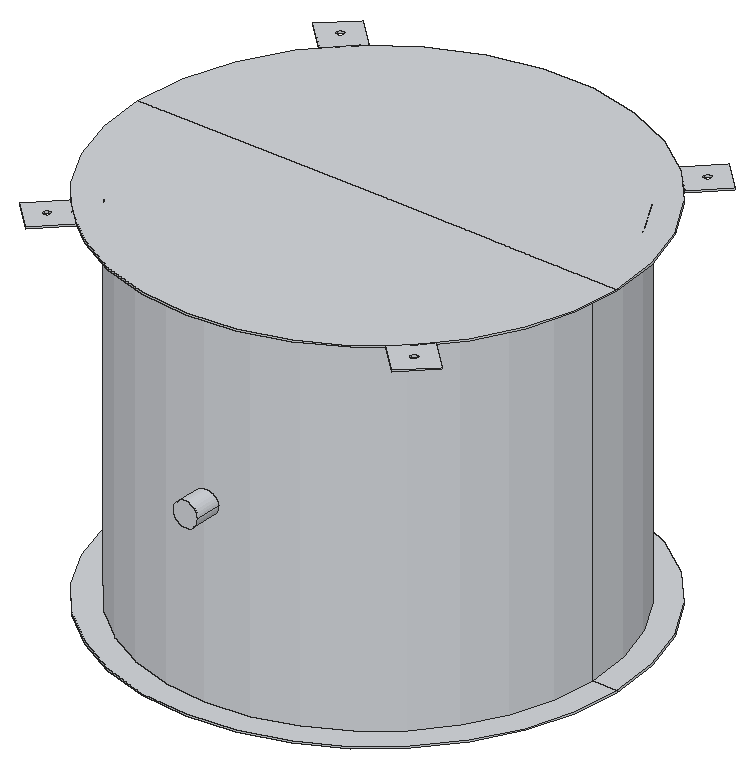
Revit family "AVAD_Downblast_Ceiling_Mount", category Mechanical Equipment, Revit 2019
Family settings
  Round Connector Dimension = Use Radius
  Part Type = Normal
  Work Plane-Based = No
  Always vertical = Yes
  Cut with Voids When Loaded = No
  Shared = No
  Room Calculation Point = No
Parameters (values of type "35_AVAD_DOWNBLAST_CEILING")
  ModelID [instance] = ""
  L/2 = L / 2  # 1' - 3 1/4"
  L = 2' - 6 1/2"
  K/2 = K / 2  # 0' - 0 9/32"
  K = 0' - 0 9/16"
  J/2 = J / 2  # 1' - 9 9/16"
  J-B = J - B  # 0' - 3 1/4"
  J = 3' - 7 1/8"
  H = 3' - 11 7/8"
  Unit Weight [instance] = ""
  Sones [instance] = ""
  Motor RPM [instance] = ""
  Motor Enclosure [instance] = ""
  LwA [instance] = ""
  G = 12' - 0"
  Fan RPM [instance] = ""
  F/2 = F / 2  # 0' - 0 9/32"
  F = 0' - 0 9/16"
  E/2 = E / 2  # 1' - 3"
  E-2" = E - 0' 2"  # 2' - 4"
  E-.125" = E - 0' 0 1/8"  # 2' - 5 7/8"
  E = 2' - 6"
  C/2 = C / 2  # 1' - 7"
  C = 3' - 2"
  B/2 = B / 2  # 1' - 7 15/16"
  B = 3' - 3 7/8"
  Accessories [instance] = ""
  A/3 = A / 2.5  # 1' - 2.2"
  A/2 = A / 2  # 1' - 5 3/4"
  A = 2' - 11 1/2"
  60 = 60.00°  # constant formula
  45 = 45.00°
  30 = 30.00°  # constant formula
  3" = 0' - 3"  # constant formula
  Brake Hp [instance] = ""
  4" = 0' - 4"  # constant formula
  2' = 2' - 0"
  2" = 0' - 2"  # constant formula
  1" = 0' - 1"  # constant formula
  0 = 0' - 0"  # constant formula
  Voltage [instance] = 0 V
  URL = "www.lorencook.com"
  Type Comments = "Adjustable Pitch Vane Axial Downblast Ceiling Mount Direct Drive Arrangement 4"  # constant formula
  Static Pressure [instance] = 0.00 in-wg
  Power [instance] = Voltage * Motor FLA * sqrt(if(Phase = 3, 3, 1))  # 0 VA
  Phase [instance] = 0
  Number of Poles [instance] = 1
  Motor Hp [instance] = "0"
  Motor FLA [instance] = 0 A
  Model = "AVAD"  # constant formula
  Manufacturer = "Loren Cook Company"
  CFM [instance] = 0 CFM
  1.5 = 0' - 1 1/2"  # constant formula
  ONE EIGTH = 0' - 0 1/8"  # constant formula
  -E/2 = -E / 2  # -1' - 3"
  -(E-.25")/2 = -(E - 0' 0 1/4") / 2  # -1' - 2 7/8"
  (L/2)-1" = (L / 2) - 0' 1"  # 1' - 2 1/4"
  (J-B)/2 = (J - B) / 2  # 0' - 1 5/8"
  (J+(J-B))/2 = (J + (J - B)) / 2  # 1' - 11 3/16"
  (E-.25")/2 = (E - 0' 0 1/4") / 2  # 1' - 2 7/8"
  (A+.25")/2 = (A + 0' 0 1/4") / 2  # 1' - 5 7/8"
Types (9): name | L/2 | L | K/2 | K | J/2 | J-B | J | H | G | F/2 | F | E/2 | E-2" | E-.125" | E | C/2 | C | B/2 | B | A/3 | A/2 | A | -E/2 | -(E-.25")/2 | (L/2)-1" | (J-B)/2 | (J+(J-B))/2 | (E-.25")/2 | (A+.25")/2
  (no name) | 1' - 3 1/4" | 2' - 6 1/2" | 0' - 0 9/32" | 0' - 0 9/16" | 1' - 9 9/16" | 0' - 3 1/4" | 3' - 7 1/8" | 3' - 11 7/8" | 12' - 0" | 0' - 0 9/32" | 0' - 0 9/16" | 1' - 3" | 2' - 4" | 2' - 5 7/8" | 2' - 6" | 1' - 7" | 3' - 2" | 1' - 7 15/16" | 3' - 3 7/8" | 1' - 2.2" | 1' - 5 3/4" | 2' - 11 1/2" | -1' - 3" | -1' - 2 7/8" | 1' - 2 1/4" | 0' - 1 5/8" | 1' - 11 3/16" | 1' - 2 7/8" | 1' - 5 7/8"
  35_AVAD_DOWNBLAST_CEILING | 1' - 3 1/4" | 2' - 6 1/2" | 0' - 0 9/32" | 0' - 0 9/16" | 1' - 9 9/16" | 0' - 3 1/4" | 3' - 7 1/8" | 3' - 11 7/8" | 12' - 0" | 0' - 0 9/32" | 0' - 0 9/16" | 1' - 3" | 2' - 4" | 2' - 5 7/8" | 2' - 6" | 1' - 7" | 3' - 2" | 1' - 7 15/16" | 3' - 3 7/8" | 1' - 2.2" | 1' - 5 3/4" | 2' - 11 1/2" | -1' - 3" | -1' - 2 7/8" | 1' - 2 1/4" | 0' - 1 5/8" | 1' - 11 3/16" | 1' - 2 7/8" | 1' - 5 7/8"
  39_AVAD_DOWNBLAST_CEILING | 1' - 4 21/32" | 2' - 9 5/16" | 0' - 0 9/32" | 0' - 0 9/16" | 1' - 11 9/16" | 0' - 3 3/16" | 3' - 11 1/8" | 4' - 1 7/8" | 12' - 0" | 0' - 0 9/32" | 0' - 0 9/16" | 1' - 3" | 2' - 4" | 2' - 5 7/8" | 2' - 6" | 1' - 8 15/16" | 3' - 5 7/8" | 1' - 9 31/32" | 3' - 7 15/16" | 1' - 3 3/4" | 1' - 7 11/16" | 3' - 3 3/8" | -1' - 3" | -1' - 2 7/8" | 1' - 3 21/32" | 0' - 1 19/32" | 2' - 1 5/32" | 1' - 2 7/8" | 1' - 7 13/16"
  44_AVAD_DOWNBLAST_CEILING | 1' - 7 1/16" | 3' - 2 1/8" | 0' - 0 11/32" | 0' - 0 11/16" | 2' - 2 15/16" | 0' - 4 1/4" | 4' - 5 7/8" | 4' - 5 1/4" | 12' - 0" | 0' - 0 9/32" | 0' - 0 9/16" | 1' - 5" | 2' - 8" | 2' - 9 7/8" | 2' - 10" | 1' - 11 11/16" | 3' - 11 3/8" | 2' - 0 13/16" | 4' - 1 5/8" | 1' - 5.65" | 1' - 10 1/16" | 3' - 8 1/8" | -1' - 5" | -1' - 4 7/8" | 1' - 6 1/16" | 0' - 2 1/8" | 2' - 5 1/16" | 1' - 4 7/8" | 1' - 10 3/16"
  49_AVAD_DOWNBLAST_CEILING | 1' - 8 7/8" | 3' - 5 3/4" | 0' - 0 11/32" | 0' - 0 11/16" | 2' - 5 1/2" | 0' - 4 1/4" | 4' - 11" | 4' - 7 3/4" | 12' - 0" | 0' - 0 9/32" | 0' - 0 9/16" | 1' - 5" | 2' - 8" | 2' - 9 7/8" | 2' - 10" | 2' - 2 1/4" | 4' - 4 1/2" | 2' - 3 3/8" | 4' - 6 3/4" | 1' - 7.7" | 2' - 0 5/8" | 4' - 1 1/4" | -1' - 5" | -1' - 4 7/8" | 1' - 7 7/8" | 0' - 2 1/8" | 2' - 7 5/8" | 1' - 4 7/8" | 2' - 0 3/4"
  57_AVAD_DOWNBLAST_CEILING | 1' - 11 21/32" | 3' - 11 5/16" | 0' - 0 11/32" | 0' - 0 11/16" | 2' - 9 7/16" | 0' - 4 1/4" | 5' - 6 7/8" | 5' - 5 3/4" | 12' - 0" | 0' - 0 9/32" | 0' - 0 9/16" | 1' - 9" | 3' - 4" | 3' - 5 7/8" | 3' - 6" | 2' - 5 15/16" | 4' - 11 7/8" | 2' - 7 5/16" | 5' - 2 5/8" | 1' - 10.85" | 2' - 4 9/16" | 4' - 9 1/8" | -1' - 9" | -1' - 8 7/8" | 1' - 10 21/32" | 0' - 2 1/8" | 2' - 11 9/16" | 1' - 8 7/8" | 2' - 4 11/16"
  63_AVAD_DOWNBLAST_CEILING | 2' - 1 23/32" | 4' - 3 7/16" | 0' - 0 11/32" | 0' - 0 11/16" | 3' - 0 3/8" | 0' - 4 1/4" | 6' - 0 3/4" | 5' - 8 5/8" | 16' - 0" | 0' - 0 11/32" | 0' - 0 11/16" | 1' - 9" | 3' - 4" | 3' - 5 7/8" | 3' - 6" | 2' - 9 1/8" | 5' - 6 1/4" | 2' - 10 1/4" | 5' - 8 1/2" | 2' - 1.2" | 2' - 7 1/2" | 5' - 3" | -1' - 9" | -1' - 8 7/8" | 2' - 0 23/32" | 0' - 2 1/8" | 3' - 2 1/2" | 1' - 8 7/8" | 2' - 7 5/8"
  71_AVAD_DOWNBLAST_CEILING | 2' - 5 7/32" | 4' - 10 7/16" | 0' - 0 11/32" | 0' - 0 11/16" | 3' - 5 5/16" | 0' - 5" | 6' - 10 5/8" | 6' - 0 3/4" | 16' - 0" | 0' - 0 11/32" | 0' - 0 11/16" | 2' - 3" | 4' - 4" | 4' - 5 7/8" | 4' - 6" | 3' - 1 1/2" | 6' - 3" | 3' - 2 13/16" | 6' - 5 5/8" | 2' - 4.35" | 2' - 11 7/16" | 5' - 10 7/8" | -2' - 3" | -2' - 2 7/8" | 2' - 4 7/32" | 0' - 2 1/2" | 3' - 7 13/16" | 2' - 2 7/8" | 2' - 11 9/16"
  79_AVAD_DOWNBLAST_CEILING | 2' - 8" | 5' - 4" | 0' - 0 11/32" | 0' - 0 11/16" | 3' - 9 1/4" | 0' - 4 15/16" | 7' - 6 1/2" | 6' - 4 5/8" | 16' - 0" | 0' - 0 11/32" | 0' - 0 11/16" | 2' - 3" | 4' - 4" | 4' - 5 7/8" | 4' - 6" | 3' - 5 7/16" | 6' - 10 7/8" | 3' - 6 25/32" | 7' - 1 9/16" | 2' - 7 1/2" | 3' - 3 3/8" | 6' - 6 3/4" | -2' - 3" | -2' - 2 7/8" | 2' - 7" | 0' - 2 15/32" | 3' - 11 23/32" | 2' - 2 7/8" | 3' - 3 1/2"
Reference planes (in)
  plane 1 "Center (Front/Back)": y = 0
  plane 2: z = 0
  plane 3 "Center (Left/Right)": x = 0.40541
Forms (in)
  Revolve 1, solid
    sketch origin (0, 0, 0) x (1, 0, 0) y (0, 0, 1)
      loop
        line (0.40541, 0) -> (20.34291, 0) -> (20.34291, 0.125) -> (18.28041, 0.125) -> (18.28041, 29.875) -> (20.34291, 29.875) -> (20.34291, 30) -> (0.40541, 30) -> (0.40541, 0)
      axis (0.40541, 30) -> (0.40541, 0)
    angle from 0 to 360
  Extrusion 2, solid
    sketch origin (0, 0, 0) x (1, 0, 0) y (0, 1, 0)
      loop
        line (-12.49658, 15.20009) -> (-14.80126, 17.50477)
        arc (-14.80126, 17.50477) -> (-15.99063, 16.39604) -> (-17.09936, 15.20668) r 23.1875
        line (-17.09936, 15.20668) -> (-14.79467, 12.90199)
        arc (-14.79467, 12.90199) -> (-13.69253, 14.09794) -> (-12.49658, 15.20009) r 19.9375
      loop
        arc (13.3074, 15.20009) -> (14.50335, 14.09794) -> (15.6055, 12.90199) r 19.9375
        line (15.6055, 12.90199) -> (17.91019, 15.20668)
        arc (17.91019, 15.20668) -> (16.80145, 16.39604) -> (15.61209, 17.50477) r 23.1875
        line (15.61209, 17.50477) -> (13.3074, 15.20009)
      loop
        line (13.3074, -15.20009) -> (15.61209, -17.50477)
        arc (15.61209, -17.50477) -> (16.80145, -16.39604) -> (17.91019, -15.20668) r 23.1875
        line (17.91019, -15.20668) -> (15.6055, -12.90199)
        arc (15.6055, -12.90199) -> (14.50335, -14.09794) -> (13.3074, -15.20009) r 19.9375
      loop
        arc (-12.49658, -15.20009) -> (-13.69253, -14.09794) -> (-14.79467, -12.90199) r 19.9375
        line (-14.79467, -12.90199) -> (-17.09936, -15.20668)
        arc (-17.09936, -15.20668) -> (-15.99063, -16.39604) -> (-14.80126, -17.50477) r 23.1875
        line (-14.80126, -17.50477) -> (-12.49658, -15.20009)
    from 30 <- "E" to 29.875 <- "E-.125""
  Extrusion 3, void
    sketch origin (0, 0, 0) x (1, 0, 0) y (0, 1, 0)
      loop
        circle (15.65541, 15.25) r 0.28125
      loop
        circle (-14.84459, 15.25) r 0.28125
      loop
        circle (-14.84459, -15.25) r 0.28125
      loop
        circle (15.65541, -15.25) r 0.28125
    from 0 to 30 <- "E"
  Extrusion 4, solid
    sketch origin (0, 0, 0) x (1, 0, 0) y (0, 0, 1)
      loop
        circle (0.40541, 15) r 1
    from 0 to 19.9375 <- "B/2"
Cuts and joins
  Extrusion 3 cuts Revolve 1
  Extrusion 3 cuts Extrusion 2
Dimensions and locks (in)
  "0": Revolve 1 sketch curve to plane 3 "Center (Left/Right)"  (x2)
  "0": Revolve 1 sketch curve to level
  "B/2": Revolve 1 sketch curve to plane 3 "Center (Left/Right)"  (x2)
  "(A+.25")/2": Revolve 1 sketch curve to plane 3 "Center (Left/Right)"
  "ONE EIGTH": Revolve 1 sketch curve to Revolve 1 sketch curve  (x2)
  "E": Revolve 1 sketch curve to level
  "0": Extrusion 2 sketch curve to plane 3 "Center (Left/Right)"  (x8)
  "0": Extrusion 2 sketch curve to plane 1 "Center (Front/Back)"  (x8)
  "J-B": Extrusion 2 sketch curve to Extrusion 2 sketch curve  (x4)
  "(J-B)/2": plane 3 "Center (Left/Right)" to Extrusion 2 sketch curve  (x3)
  "(J-B)/2": Extrusion 2 sketch curve to plane 3 "Center (Left/Right)"
  "L/2": plane 3 "Center (Left/Right)" to Extrusion 3 sketch curve  (x4)
  "L/2": plane 1 "Center (Front/Back)" to Extrusion 3 sketch curve  (x4)
  "0": Extrusion 4 sketch curve to plane 3 "Center (Left/Right)"
  "E/2": Extrusion 4 sketch curve to level
  "(J+(J-B))/2": radius of Extrusion 2 sketch curve  (x4)
  "B/2": radius of Extrusion 2 sketch curve  (x4)
  "K/2": radius of Extrusion 3 sketch curve  (x4)
  "1"": radius of Extrusion 4 sketch curve
  "45": angle plane 3 "Center (Left/Right)" to Extrusion 2 sketch curve
  "45": angle Extrusion 2 sketch curve to plane 3 "Center (Left/Right)"  (x2)
  "45": angle Extrusion 2 sketch curve to plane 1 "Center (Front/Back)"
Automatic sketch dimensions
  Revolve 1 sketch curve to level = 0' - 0"
  Revolve 1 sketch curve to level = 1' - 0"
Connectors (in)
  hvac at (0.40541, 0, 30), driven by "A/2"
    settings: on cut or joined group of Revolve 1, Extrusion 3, index 1, duct flow 0 CFM, flow factor 0, pres drop 0.00 in-wg, loss coef 0, conn angle 0.00°, conn width 12", conn height 12", conn diameter 35 1/2", duct sys type 29, conn prof type 0, flow config 0, flow direction 1, loss method 0, conn ref index -1, conn util no, is conn primary yes, conn desc ""
  hvac at (0.40541, 0, 0.125), driven by "A/2"
    settings: on cut or joined group of Revolve 1, Extrusion 3, index 2, duct flow 0 CFM, flow factor 0, pres drop 0.00 in-wg, loss coef 0, conn angle 0.00°, conn width 12", conn height 12", conn diameter 35 1/2", duct sys type 29, conn prof type 0, flow config 0, flow direction 2, loss method 0, conn ref index -1, conn util no, is conn primary no, conn desc ""
  electrical at (0.40541, -19.9375, 15)
    settings: on Extrusion 4, index 3, voltage 0 V, apparent load 0 VA, apparent load phase1 0 VA, apparent load phase2 0 VA, apparent load phase3 0 VA, power factor 1, load classification "Other", number of poles 1, system type 30, power factor state 1, is connector primary yes, connector utility no, sub classification motor no, connector description ""
